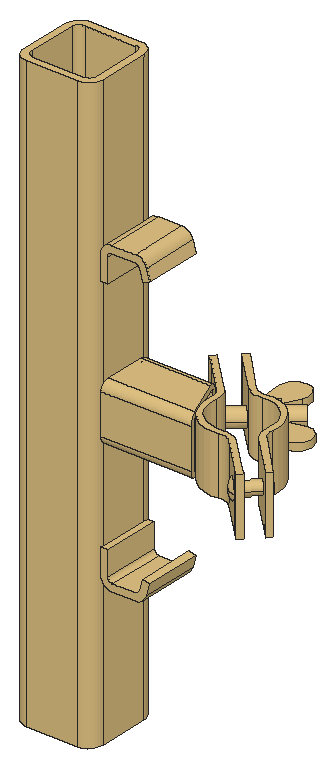
Revit family "CC4_HANDRAIL SUPPORT CC_1870120", category Generic Models, Revit 2018
Family settings
  Can host rebar = No
  Round Connector Dimension = Use Diameter
  Part Type = Normal
  OmniClass Number = 35.51.14.00
  OmniClass Title = FORMWORK
  Work Plane-Based = Yes
  Always vertical = No
  Cut with Voids When Loaded = No
  Shared = Yes
  Room Calculation Point = No
Parameters
  VERSION = "20170217"  # constant formula
  URL = "www.ulmaconstruction.com/en"
  UNICLASS = ""
  Manufacturer = "ULMA CONSTRUCTION"  # constant formula
  ITEM_CODE = "1870120"
  FILTER [instance] = ""
  Default Elevation = 0.000 mm
  CLASSIFICATION_TITLE = ""
  CLASSIFICATION_NUMBER = ""
Reference planes
  plane 1 "Centro (Frontal/Posterior)": y = 0
  plane 2: z = 0
  plane 3 "Centro (Izquierda/Derecha)": x = 0
Forms (mm)
  Extrusion 1, solid, material "ULMA BICHROMATE", detail levels fine
    sketch origin (0, 0, 0) x (0, 1, 0) y (-1, 0, 0)
      loop
        arc (-22.5, 91.926) -> (-21.036, 88.39) -> (-17.5, 86.926) r 5
        line (-17.5, 86.926) -> (17.5, 86.926)
        arc (17.5, 86.926) -> (21.036, 88.39) -> (22.5, 91.926) r 5
        line (22.5, 91.926) -> (22.5, 126.926)
        arc (22.5, 126.926) -> (21.036, 130.461) -> (17.5, 131.926) r 5
        line (17.5, 131.926) -> (-17.5, 131.926)
        arc (-17.5, 131.926) -> (-21.036, 130.461) -> (-22.5, 126.926) r 5
        line (-22.5, 126.926) -> (-22.5, 91.926)
      loop
        arc (-17.5, 136.926) -> (-24.571, 133.997) -> (-27.5, 126.926) r 10
        line (-27.5, 126.926) -> (-27.5, 91.926)
        arc (-27.5, 91.926) -> (-24.571, 84.855) -> (-17.5, 81.926) r 10
        line (-17.5, 81.926) -> (17.5, 81.926)
        arc (17.5, 81.926) -> (24.571, 84.855) -> (27.5, 91.926) r 10
        line (27.5, 91.926) -> (27.5, 126.926)
        arc (27.5, 126.926) -> (24.571, 133.997) -> (17.5, 136.926) r 10
        line (17.5, 136.926) -> (-17.5, 136.926)
    from -413 to 0
  Extrusion 2, solid, material "ULMA BICHROMATE", detail levels fine
    sketch origin (0, 0, 0) x (0, 1, 0) y (-1, 0, 0)
      loop
        arc (3.254, 20.746) -> (9.89, 21.276) -> (15.564, 24.756) r 14.28
        line (15.564, 24.756) -> (37.634, 46.827) -> (42.073, 51.265) -> (39.244, 54.094) -> (34.806, 49.655) -> (12.736, 27.585)
        arc (12.736, 27.585) -> (8.651, 25.079) -> (3.874, 24.698) r 10.28
        arc (3.874, 24.698) -> (-17.678, 17.678) -> (-24.698, -3.874) r 25
        arc (-24.698, -3.874) -> (-25.079, -8.651) -> (-27.585, -12.736) r 10.28
        line (-27.585, -12.736) -> (-49.655, -34.806) -> (-54.094, -39.244) -> (-51.265, -42.073) -> (-46.827, -37.634) -> (-24.756, -15.564)
        arc (-24.756, -15.564) -> (-21.276, -9.89) -> (-20.746, -3.254) r 14.28
        arc (-20.746, -3.254) -> (-14.849, 14.849) -> (3.254, 20.746) r 21
      loop
        arc (-4.195, -24.646) -> (17.446, -17.906) -> (24.746, 3.552) r 25
        arc (24.746, 3.552) -> (25.19, 8.323) -> (27.748, 12.375) r 10.28
        line (27.748, 12.375) -> (50.104, 34.156) -> (54.6, 38.537) -> (51.809, 41.402) -> (47.313, 37.021) -> (24.957, 15.24)
        arc (24.957, 15.24) -> (21.403, 9.612) -> (20.787, 2.983) r 14.28
        arc (20.787, 2.983) -> (14.655, -15.041) -> (-3.524, -20.702) r 21
        arc (-3.524, -20.702) -> (-10.166, -21.146) -> (-15.885, -24.552) r 14.28
        line (-15.885, -24.552) -> (-38.241, -46.332) -> (-42.737, -50.713) -> (-39.946, -53.578) -> (-35.45, -49.198) -> (-13.094, -27.417)
        arc (-13.094, -27.417) -> (-8.977, -24.965) -> (-4.195, -24.646) r 10.28
    from -226.5 to -186.5
  Extrusion 3, solid, material "ULMA BICHROMATE", detail levels fine
    sketch origin (0, 0, 0) x (-1, 0, 0) y (0, 0, 1)
      loop
        line (76.926, -107) -> (76.926, -124) -> (81.926, -124) -> (81.926, -107)
        arc (81.926, -107) -> (79.583, -101.343) -> (73.926, -99) r 8
        line (73.926, -99) -> (57.903, -99)
        arc (57.903, -99) -> (53.032, -100.654) -> (50.175, -104.933) r 8
        line (50.175, -104.933) -> (48.096, -112.708) -> (52.926, -114) -> (55.005, -106.225)
        arc (55.005, -106.225) -> (56.077, -104.62) -> (57.903, -104) r 3
        line (57.903, -104) -> (73.926, -104)
        arc (73.926, -104) -> (76.047, -104.879) -> (76.926, -107) r 3
      loop
        arc (73.926, -314) -> (79.583, -311.657) -> (81.926, -306) r 8
        line (81.926, -306) -> (81.926, -289) -> (76.926, -289) -> (76.926, -306)
        arc (76.926, -306) -> (76.047, -308.121) -> (73.926, -309) r 3
        line (73.926, -309) -> (57.903, -309)
        arc (57.903, -309) -> (56.077, -308.38) -> (55.005, -306.775) r 3
        line (55.005, -306.775) -> (52.926, -299) -> (48.096, -300.292) -> (50.175, -308.067)
        arc (50.175, -308.067) -> (53.032, -312.346) -> (57.903, -314) r 8
        line (57.903, -314) -> (73.926, -314)
    from -20 to 20
  Extrusion 4, solid, material "ULMA BICHROMATE", detail levels fine
    sketch origin (0, 0, 0) x (0, 1, 0) y (0, 0, 1)
      loop
        arc (-14, -189.5) -> (-16.121, -190.379) -> (-17, -192.5) r 3
        line (-17, -192.5) -> (-17, -220.5)
        arc (-17, -220.5) -> (-16.121, -222.621) -> (-14, -223.5) r 3
        line (-14, -223.5) -> (14, -223.5)
        arc (14, -223.5) -> (16.121, -222.621) -> (17, -220.5) r 3
        line (17, -220.5) -> (17, -192.5)
        arc (17, -192.5) -> (16.121, -190.379) -> (14, -189.5) r 3
        line (14, -189.5) -> (-14, -189.5)
      loop
        arc (-14, -186.5) -> (-18.243, -188.257) -> (-20, -192.5) r 6
        line (-20, -192.5) -> (-20, -220.5)
        arc (-20, -220.5) -> (-18.243, -224.743) -> (-14, -226.5) r 6
        line (-14, -226.5) -> (14, -226.5)
        arc (14, -226.5) -> (18.243, -224.743) -> (20, -220.5) r 6
        line (20, -220.5) -> (20, -192.5)
        arc (20, -192.5) -> (18.243, -188.257) -> (14, -186.5) r 6
        line (14, -186.5) -> (-14, -186.5)
    from -81.926 to -18.926
  Extrusion 5, void
    sketch origin (0, 0, 0) x (0, 1, 0) y (-1, 0, 0)
      loop
        line (20, 34.926) -> (-20, 18.926) -> (20, 18.926) -> (20, 34.926)
    from -226.5 to -186.5
  Extrusion 6, solid, material "ULMA BICHROMATE", detail levels fine
    sketch origin (0, 0, 0) x (0, 1, 0) y (-1, 0, 0)
      loop
        arc (25.709, -7.497) -> (35.732, -19.723) -> (45.068, -6.965) r 10
        line (45.068, -6.965) -> (41.423, 5.722) -> (30.964, 15.476) -> (25.709, -7.497)
      loop
        line (71.724, 31.115) -> (48.196, 29.93) -> (55.978, 17.935) -> (67.839, 12.142)
        arc (67.839, 12.142) -> (82.024, 19.121) -> (71.724, 31.115) r 10
    from -216 to -211
  Revolve 7, solid, material "ULMA BICHROMATE", detail levels fine
    sketch origin (0, 0, -213.5) x (0, 1, 0) y (-1, 0, 0)
      loop
        line (20.787, 35.76) -> (35.105, 18.697) -> (31.102, 15.338) -> (41.423, 5.722) -> (44.104, 7.972) -> (52.927, -2.543) -> (57.523, 1.314) -> (25.383, 39.616) -> (20.787, 35.76)
      axis (25.383, 39.616) -> (57.523, 1.314)
    angle from 0 to 360
  Revolve 8, solid, material "ULMA BICHROMATE", detail levels fine
    sketch origin (0, 0, -206.5) x (0, 1, 0) y (-1, 0, 0)
      loop
        arc (-35.126, -20.276) -> (-38.591, -21.384) -> (-41.543, -23.511) r 11.595
        line (-41.543, -23.511) -> (-23.865, -41.189)
        arc (-23.865, -41.189) -> (-21.734, -38.231) -> (-20.628, -34.757) r 11.595
        line (-20.628, -34.757) -> (-22.302, -36.388) -> (-36.77, -21.92) -> (-35.126, -20.276)
      axis (-41.543, -23.511) -> (-23.865, -41.189)
    angle from 0 to 360
  Extrusion 9, solid, material "ULMA BICHROMATE", detail levels medium
    sketch origin (0, 0, 0) x (0, 1, 0) y (-1, 0, 0)
      loop
        line (27.5, 136.926) -> (-27.5, 136.926) -> (-27.5, 81.926) -> (27.5, 81.926) -> (27.5, 136.926)
    from 0 to -413
  Extrusion 10, solid, material "ULMA BICHROMATE", detail levels medium
    sketch origin (0, 0, 0) x (-1, 0, 0) y (0, 0, 1)
      loop
        line (81.926, -99) -> (52.926, -99) -> (52.926, -104) -> (81.926, -104) -> (81.926, -99)
      loop
        line (81.926, -309) -> (52.926, -309) -> (52.926, -314) -> (81.926, -314) -> (81.926, -309)
    from -20 to 20
  Extrusion 11, solid, material "ULMA BICHROMATE", detail levels medium
    sketch origin (0, 0, 0) x (0, 1, 0) y (0, 0, 1)
      loop
        line (22, -186.5) -> (-22, -186.5) -> (-22, -226.5) -> (22, -226.5) -> (22, -186.5)
    from -81.926 to 0
  Extrusion 12, void
    sketch origin (0, 0, 0) x (0, 1, 0) y (-1, 0, 0)
      loop
        line (-20, 20) -> (-20, 0) -> (20, 0) -> (20, 20) -> (-20, 20)
    from -226.5 to -186.5
Cuts and joins
  Extrusion 5 cuts Extrusion 4
  Extrusion 12 cuts Extrusion 11
Lines and regions (mm)
  model lines, style "ULMA HANDRAIL SUPPORT CC", detail levels fine
    curve 1: circle (-109.426, 27.5, -80) r 9 normal (0, 1, 0)
    curve 2: circle (-109.426, 27.5, -333) r 9 normal (0, 1, 0)
    curve 3: circle (-109.426, -27.5, -80) r 9 normal (0, 1, 0)
    curve 4: circle (-109.426, -27.5, -333) r 9 normal (0, 1, 0)
    curve 5: spline (-36.107, 52.106, -211) -> (-35.422, 51.403, -206.997) -> (-34.15, 50.098, -203.301) -> (-32.353, 48.253, -200.084) -> (-30.114, 45.955, -197.498) -> (-27.539, 43.312, -195.666) -> (-24.748, 40.448, -194.672) -> (-21.874, 37.498, -194.565) -> (-19.052, 34.601, -195.348) -> (-16.413, 31.893, -196.986) -> (-14.083, 29.501, -199.4) -> (-12.171, 27.539, -202.478) -> (-10.767, 26.098, -206.075)
    curve 6: arc (-10.767, 26.098, -206.075) -> (-10.225, 25.541, -208.496) -> (-9.897, 25.205, -210.996) r 20.374
    curve 7: arc (-9.897, 25.205, -210.996) -> (-9.789, 25.094, -213.501) -> (-9.897, 25.205, -216.006) r 20.374
    curve 8: arc (-9.897, 25.205, -216.006) -> (-10.225, 25.541, -218.504) -> (-10.767, 26.098, -220.925) r 20.374
    curve 9: spline (-10.767, 26.098, -220.925) -> (-10.924, 26.259, -221.435) -> (-11.092, 26.431, -221.938) -> (-11.27, 26.614, -222.433) -> (-11.457, 26.806, -222.921) -> (-11.655, 27.009, -223.401) -> (-11.863, 27.222, -223.873) -> (-12.08, 27.445, -224.335) -> (-12.306, 27.677, -224.788) -> (-12.542, 27.919, -225.232) -> (-12.786, 28.17, -225.665) -> (-13.04, 28.43, -226.088) -> (-13.301, 28.699, -226.5)
    curve 10: line (-13.301, 28.699, -226.5) -> (-16.036, 31.506, -226.5)
    curve 11: arc (-16.036, 31.506, -226.5) -> (-16.276, 31.752, -224.576) -> (-16.529, 32.012, -222.655) r 210.292
    curve 12: spline (-16.529, 32.012, -222.655) -> (-16.409, 31.888, -222.478) -> (-16.291, 31.767, -222.297) -> (-16.175, 31.649, -222.114) -> (-16.062, 31.533, -221.927) -> (-15.952, 31.42, -221.738) -> (-15.844, 31.309, -221.545) -> (-15.739, 31.201, -221.35) -> (-15.636, 31.095, -221.151) -> (-15.536, 30.992, -220.95) -> (-15.438, 30.892, -220.747) -> (-15.344, 30.795, -220.54) -> (-15.252, 30.701, -220.331)
    curve 13: spline (-15.252, 30.701, -220.331) -> (-14.846, 30.284, -219.284) -> (-14.509, 29.938, -218.187) -> (-14.244, 29.666, -217.051) -> (-14.053, 29.47, -215.884) -> (-13.937, 29.352, -214.697) -> (-13.899, 29.312, -213.5) -> (-13.937, 29.352, -212.303) -> (-14.053, 29.47, -211.116) -> (-14.244, 29.666, -209.949) -> (-14.509, 29.938, -208.813) -> (-14.846, 30.284, -207.716) -> (-15.252, 30.701, -206.669)
    curve 14: spline (-15.252, 30.701, -206.669) -> (-16.35, 31.828, -204.612) -> (-17.71, 33.224, -202.907) -> (-19.28, 34.835, -201.624) -> (-20.995, 36.596, -200.811) -> (-22.789, 38.437, -200.503) -> (-24.59, 40.286, -200.71) -> (-26.327, 42.068, -201.425) -> (-27.93, 43.714, -202.619) -> (-29.336, 45.157, -204.245) -> (-30.49, 46.341, -206.239) -> (-31.345, 47.219, -208.521) -> (-31.867, 47.755, -211)
    curve 15: spline (-31.867, 47.755, -211) -> (-31.919, 47.808, -211.413) -> (-31.961, 47.851, -211.828) -> (-31.994, 47.885, -212.244) -> (-32.018, 47.909, -212.662) -> (-32.032, 47.924, -213.081) -> (-32.036, 47.928, -213.5) -> (-32.032, 47.924, -213.919) -> (-32.018, 47.909, -214.338) -> (-31.994, 47.885, -214.756) -> (-31.961, 47.851, -215.172) -> (-31.919, 47.808, -215.587) -> (-31.867, 47.755, -216)
    curve 16: spline (-31.867, 47.755, -216) -> (-31.704, 47.587, -216.987) -> (-31.488, 47.365, -217.953) -> (-31.219, 47.09, -218.892) -> (-30.901, 46.763, -219.799) -> (-30.534, 46.386, -220.666) -> (-30.121, 45.963, -221.49) -> (-29.665, 45.494, -222.266) -> (-29.167, 44.984, -222.988) -> (-28.632, 44.434, -223.652) -> (-28.062, 43.85, -224.254) -> (-27.462, 43.233, -224.791) -> (-26.834, 42.589, -225.259)
    curve 17: line (-26.834, 42.589, -225.259) -> (-26.669, 42.42, -226.5)
    curve 18: line (-26.669, 42.42, -226.5) -> (-32.541, 48.446, -226.5)
    curve 19: spline (-32.541, 48.446, -226.5) -> (-32.951, 48.867, -225.627) -> (-33.343, 49.27, -224.737) -> (-33.716, 49.653, -223.83) -> (-34.07, 50.016, -222.908) -> (-34.405, 50.359, -221.971) -> (-34.72, 50.682, -221.019) -> (-35.014, 50.985, -220.055) -> (-35.288, 51.266, -219.079) -> (-35.542, 51.526, -218.091) -> (-35.775, 51.765, -217.092) -> (-35.986, 51.983, -216.084) -> (-36.177, 52.178, -215.067)
    curve 20: spline (-36.177, 52.178, -215.067) -> (-36.194, 52.196, -214.729) -> (-36.207, 52.21, -214.389) -> (-36.216, 52.219, -214.05) -> (-36.221, 52.224, -213.71) -> (-36.222, 52.224, -213.371) -> (-36.218, 52.22, -213.031) -> (-36.21, 52.212, -212.691) -> (-36.198, 52.2, -212.352) -> (-36.181, 52.183, -212.013) -> (-36.161, 52.162, -211.675) -> (-36.136, 52.136, -211.337) -> (-36.107, 52.106, -211)
  model lines, style "ULMA HANDRAIL SUPPORT CC", detail levels coarse
    curve 21: line (-136.926, 27.5, 0) -> (0, 27.5, 0)
    curve 22: line (-136.926, -27.5, 0) -> (-136.926, 27.5, 0)
    curve 23: line (0, -27.5, 0) -> (-136.926, -27.5, 0)
    curve 24: line (0, 27.5, 0) -> (0, -27.5, 0)
    curve 25: line (-109.426, 10, 0) -> (-109.426, -10, 0)
    curve 26: line (-99.426, 0, 0) -> (-119.426, 0, 0)
Dimensions and locks
  aligned and locked: level to plane 2
